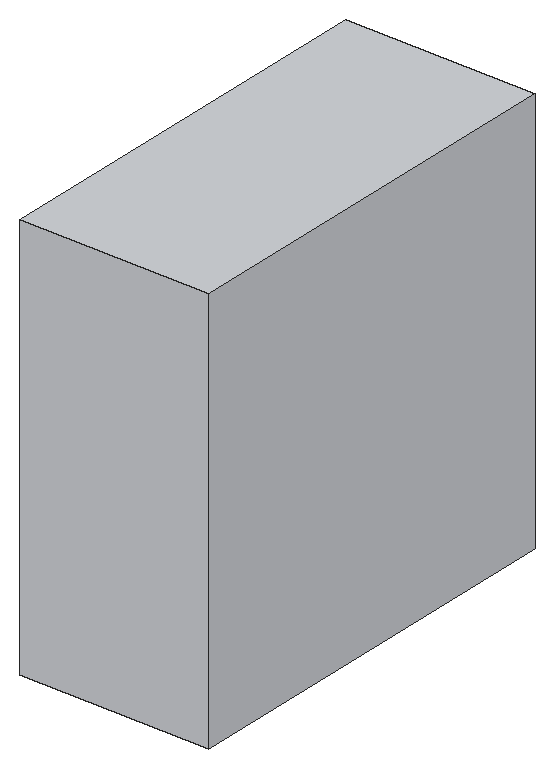
Revit family "M_Fire Damper - Rectangular - Simple", category Duct Accessories, Revit 2020
Family settings
  Round Connector Dimension = Use Diameter
  Part Type = Damper
  OmniClass Number = 23.60.70.11.11
  OmniClass Title = Fire Dampers
  Work Plane-Based = No
  Always vertical = Yes
  Cut with Voids When Loaded = No
  Shared = No
Parameters (values of type "Rectangular")
  Width 1 [instance] = if(and(Duct Width < 1200 mm, Duct Height < 1200 mm), 12 mm, if(or(Duct Width > 2400 mm, Duct Height > 2400 mm), 40 mm, 25 mm))  # 12 mm
  Symbol Width [instance] = Damper Width * 2  # 648 mm
  Symbol Radius [instance] = Damper Length * 0.2  # 30 mm
  Pressure Drop [instance] = 995.0 Pa
  Half Symbol Width [instance] = Symbol Width / 2  # 324 mm
  Half Duct Width [instance] = 1 / 2 * Duct Width  # 150 mm
  Half Damper Width [instance] = Damper Width / 2  # 162 mm
  Half Damper Length = Damper Length / 2  # 75 mm
  Half Damper Height [instance] = Damper Height / 2  # 162 mm
  Fire Damper Material = none
  Duct Width [instance] = 300 mm
  Duct Height [instance] = 300 mm
  Default Elevation = 0 mm
  Damper Width [instance] = Duct Width + Width 1 * 2  # 324 mm
  Damper Length = 150 mm
  Damper Height [instance] = Duct Height + Width 1 * 2  # 324 mm
Reference planes
  plane 1 "Center (Front/Back)": y = 0
  plane 2: z = 0
  plane 3 "Center (Left/Right)": x = 0
  plane 4: x = -75
  plane 5: x = 75
  plane 6: z = 162
  plane 7: z = -162
  plane 8: y = 162
  plane 9: y = -162
  plane 10: y = 324
  plane 11: y = -324
  plane 12: y = 150
  plane 13: y = -150
Forms (mm)
  Extrusion 1, solid, material <- "Fire Damper Material"
    sketch origin (0, 0, 0) x (0, 1, 0) y (0, 0, 1)
      loop
        line (162, 162) -> (-162, 162) -> (-162, -162) -> (162, -162) -> (162, 162)
    from -75 to 75
Lines and regions (mm)
  symbolic lines, detail levels coarse+medium
    curve 1: line (-75, 324, 0) -> (0, 324, 0)
    curve 2: line (0, 324, 0) -> (0, -324, 0)
    curve 3: line (-75, 150, 0) -> (-75, -150, 0)
    curve 4: line (75, 150, 0) -> (75, -150, 0)
    curve 5: circle (0, 0, 0) r 30 normal (0, 0, 1)
  symbolic lines, detail levels fine
    curve 6: line (-75, 162, 0) -> (75, 162, 0)
    curve 7: line (-75, -162, 0) -> (-75, 162, 0)
    curve 8: line (75, -162, 0) -> (-75, -162, 0)
    curve 9: line (75, 162, 0) -> (75, -162, 0)
Dimensions and locks
  "Half Damper Length": plane 4 to plane 3 "Center (Left/Right)"
  "Half Damper Length": plane 3 "Center (Left/Right)" to plane 5
  "Half Damper Height": plane 6 to plane 2
  "Half Damper Height": plane 2 to plane 7
  "Half Damper Width": plane 8 to plane 1 "Center (Front/Back)"
  "Half Damper Width": plane 1 "Center (Front/Back)" to plane 9
  "Half Symbol Width": plane 10 to plane 1 "Center (Front/Back)"
  "Half Symbol Width": plane 11 to plane 1 "Center (Front/Back)"
  "Half Duct Width": plane 1 "Center (Front/Back)" to plane 12
  "Half Duct Width": plane 13 to plane 1 "Center (Front/Back)"
  "Symbol Radius": radius of curve 5
  aligned and locked: Extrusion 1 to plane 4
  aligned and locked: plane 5 to Extrusion 1
  aligned and locked: plane 6 to Extrusion 1
  aligned and locked: Extrusion 1 to plane 7
  aligned and locked: Extrusion 1 to plane 8
  aligned and locked: plane 9 to Extrusion 1
  aligned and locked: plane 4 to curve 1
  aligned and locked: curve 1 to plane 10
  aligned and locked: plane 10 to curve 2
  aligned and locked: plane 11 to curve 2
  aligned and locked: curve 2 to plane 3 "Center (Left/Right)"
  aligned and locked: plane 12 to curve 3
  aligned and locked: plane 13 to curve 3
  aligned and locked: curve 3 to plane 4
  aligned and locked: plane 12 to curve 4
  aligned and locked: plane 13 to curve 4
  aligned and locked: curve 4 to plane 5
  aligned and locked: plane 3 "Center (Left/Right)" to curve 5
  aligned and locked: plane 1 "Center (Front/Back)" to curve 5
  aligned and locked: plane 8 to curve 6
  aligned and locked: curve 8 to plane 9
  aligned and locked: curve 9 to plane 5
  aligned and locked: plane 4 to curve 7
Automatic sketch dimensions
  plane 1 "Center (Front/Back)" to Extrusion 1 sketch curve = 162 mm
  Extrusion 1 sketch curve to plane 1 "Center (Front/Back)" = 162 mm
  Extrusion 1 sketch curve to level = 162 mm
  level to Extrusion 1 sketch curve = 162 mm
Connectors
  hvac at (-75, 0, 0), driven by "Duct Height", driven by "Duct Width", driven by "Pressure Drop"
    settings: on Extrusion 1, index 1, duct flow 0.0 L/s, flow factor 0, pres drop 995.0 Pa, loss coef 0, conn angle 0.00°, conn width 300 mm, conn height 300 mm, conn diameter 609.6 mm, duct sys type 29, conn prof type 1, flow config 0, flow direction 0, loss method 4, conn ref index 2, conn util no, is conn primary yes, conn desc ""
  hvac at (75, 0, 0), driven by "Duct Height", driven by "Duct Width"
    settings: on Extrusion 1, index 2, duct flow 0.0 L/s, flow factor 0, pres drop 0.0 Pa, loss coef 0, conn angle 0.00°, conn width 300 mm, conn height 300 mm, conn diameter 609.6 mm, duct sys type 29, conn prof type 1, flow config 0, flow direction 0, loss method 4, conn ref index 1, conn util no, is conn primary no, conn desc ""
